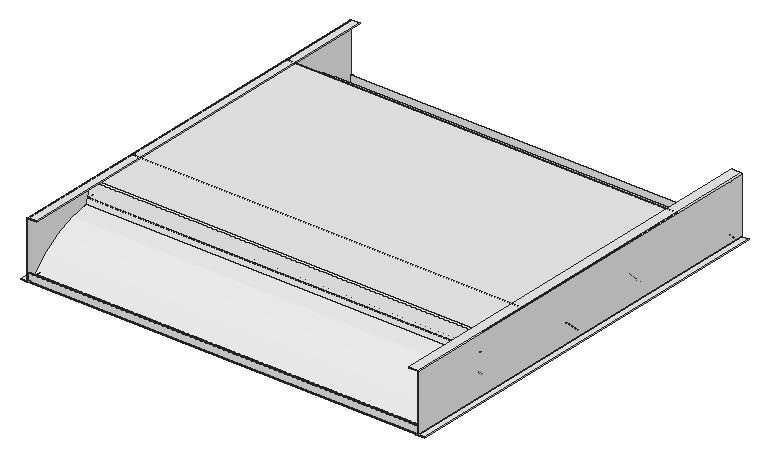
Revit family "LRTJ2x2_2x4", category Lighting Fixtures, host Ceiling, Revit 2019
Family settings
  Host = Ceiling
  Round Connector Dimension = Use Diameter
  Part Type = Normal
  OmniClass Number = 23.80.70.11.14.17
  OmniClass Title = Direct/Indirect
  Always vertical = Yes
  Cut with Voids When Loaded = No
  Light Source = Yes
  Shared = No
  Room Calculation Point = No
Parameters (values of type "LRTJ2x2-LED840K033LUNV")
  Width = 1' - 11 11/16"
  Wattage = 27 W
  built-in parameter 1150110 = 1 (stored number, unit not read)
  Voltage = 120 V
  URL = "https://www.viscor.com/en/products/lrtj"
  built-in parameter 1114217 = 0.9 (stored number, unit not read)
  Tilt Angle = 90.00°
  built-in parameter 1150109 = 1 (stored number, unit not read)
  built-in parameter 1150134 = 12
  built-in parameter 1150113 = 1 (stored number, unit not read)
  Photometric Web File = "LRTJ2x2-LED840K033LUNV-G001298.IES"
  Model = "LRTJ"  # constant formula
  Manufacturer = "VISIONEERING by VISCOR"  # constant formula
  Lumens = 3294 lm
  built-in parameter 1150115 = 1 (stored number, unit not read)
  built-in parameter 1150105 = 262.13 (stored number, unit not read)
  built-in parameter 1150137 = (empty or 0)
  built-in parameter 1150139 = (empty or 0)
  Lens Finish = Acrylic - Viscor - Frosted Round Linear Ribbed
  Length = 1' - 11 3/4"
  Lamp Wattage = 27 VA
  built-in parameter 1150112 = 1 (stored number, unit not read)
  built-in parameter 1150114 = 1 (stored number, unit not read)
  Lamp = "LED"  # constant formula
  built-in parameter 1150132 = (empty or 0)
  built-in parameter 1150102 = (empty or 0)
  built-in parameter 1150138 = (empty or 0)
  built-in parameter 1150107 = 4000 (stored number, unit not read)
  built-in parameter 1150106 = 2.6213 (stored number, unit not read)
  Housing Finish = Metal - Viscor - White
  Emit from Rectangle Width = Width  # 1' - 11 11/16"
  Emit from Rectangle Length = Length  # 1' - 11 3/4"
  Emit Shape Visible in Rendering = no
  built-in parameter 1150104 = 11.334 (stored number, unit not read)
  Dimming Lamp Color Temperature Shift = <None>
  Description = "LED Troffer Dish High-Efficiency"  # constant formula
  Color Filter = 16777215
  built-in parameter 1114218 = 1 (stored number, unit not read)
  built-in parameter 1150133 = 10 (stored number, unit not read)
  Assembly Code = "D5020200"
  Apparent Load = Lamp Wattage  # 27 VA
Types (5): name | Wattage | Photometric Web File | Lumens | built-in parameter 1150105 | Length | Lamp Wattage | built-in parameter 1150106 | Emit from Rectangle Length | built-in parameter 1150104 | Apparent Load
  (no name) | 27 W | "LRTJ2x2-LED840K033LUNV-G001298.IES" | 3294 lm | 262.13 (stored number, unit not read) | 1' - 11 3/4" | 27 VA | 2.6213 (stored number, unit not read) | 1' - 11 3/4" | 11.334 (stored number, unit not read) | 27 VA
  LRTJ2X2-LED840K020LUNV | 19 W | "LRTJ2x2-LED840K020LUNV-G001296.IES" | 2128 lm | 169.34 (stored number, unit not read) | 1' - 11 3/4" | 19 VA | 1.6934 (stored number, unit not read) | 1' - 11 3/4" | 10.405 (stored number, unit not read) | 19 VA
  LRTJ2x2-LED840K033LUNV | 27 W | "LRTJ2x2-LED840K033LUNV-G001298.IES" | 3294 lm | 262.13 (stored number, unit not read) | 1' - 11 3/4" | 27 VA | 2.6213 (stored number, unit not read) | 1' - 11 3/4" | 11.334 (stored number, unit not read) | 27 VA
  LRTJ2x4-LED840K065LUNV | 50 W | "LRTJ2x4-LED840K065LUNV-G001593.IES" | 6450 lm | 513.27 (stored number, unit not read) | 3' - 11 3/4" | 50 VA | 5.1327 (stored number, unit not read) | 3' - 11 3/4" | 11.984 (stored number, unit not read) | 50 VA
  LRTJ2x4-LED840K040LUNV | 35 W | "LRTJ2x4-LED840K040LUNV-G001575.IES" | 4095 lm | 325.87 (stored number, unit not read) | 3' - 11 3/4" | 35 VA | 3.2587 (stored number, unit not read) | 3' - 11 3/4" | 10.87 (stored number, unit not read) | 35 VA
Reference planes (in)
  plane 1 "Light Source Axis (F/B)": y = 0
  plane 2 "Ceiling": z = 96
  plane 3 "Light Source Axis (L/R)": x = 0
  plane 4 "Light Source Elevation": z = 95.96875
  plane 5: y = 11.84375
  plane 6: y = -11.84375
  plane 7: x = -11.875
  plane 8: x = 11.875
  plane 9: x = -11.8125
  plane 10: x = 11.8125
  plane 11: y = 11.38675
  plane 12: y = -11.38675
  plane 13: x = -11.449
  plane 14: x = 11.449
Forms (in)
  Extrusion 1, solid, material "Metal - Viscor - White" <- "Housing Finish"
    sketch origin (0, 0, 0) x (1, 0, 0) y (0, 0, 1)
      loop
        line (-11.414, 99.344) -> (-10.913, 99.344) -> (-10.913, 99.37525) -> (-11.414, 99.37525)
        arc (-11.414, 99.37525) -> (-11.46367, 99.35467) -> (-11.48425, 99.305) r 0.07025
        line (-11.48425, 99.305) -> (-11.48425, 96.069)
        arc (-11.48425, 96.069) -> (-11.49531, 96.04231) -> (-11.522, 96.03125) r 0.03775
        line (-11.522, 96.03125) -> (-11.875, 96.03125) -> (-11.875, 96) -> (-11.522, 96)
        arc (-11.522, 96) -> (-11.47321, 96.02021) -> (-11.453, 96.069) r 0.069
        line (-11.453, 96.069) -> (-11.453, 99.305)
        arc (-11.453, 99.305) -> (-11.44158, 99.33258) -> (-11.414, 99.344) r 0.039
    from -11.84375 to 11.84375
  Extrusion 2, solid, material "Metal - Viscor - White" <- "Housing Finish"
    sketch origin (0, 0, 0) x (-1, 0, 0) y (0, 0, -1)
      loop
        arc (-11.414, -99.344) -> (-11.44158, -99.33258) -> (-11.453, -99.305) r 0.039
        line (-11.453, -99.305) -> (-11.453, -96.069)
        arc (-11.453, -96.069) -> (-11.47321, -96.02021) -> (-11.522, -96) r 0.069
        line (-11.522, -96) -> (-11.875, -96) -> (-11.875, -96.03125) -> (-11.522, -96.03125)
        arc (-11.522, -96.03125) -> (-11.49531, -96.04231) -> (-11.48425, -96.069) r 0.03775
        line (-11.48425, -96.069) -> (-11.48425, -99.305)
        arc (-11.48425, -99.305) -> (-11.46367, -99.35467) -> (-11.414, -99.37525) r 0.07025
        line (-11.414, -99.37525) -> (-10.913, -99.37525) -> (-10.913, -99.344) -> (-11.414, -99.344)
    from -11.84375 to 11.84375
  Extrusion 3, solid, material "Metal - Viscor - White" <- "Housing Finish"
    sketch origin (0, 0, 0) x (0, 1, 0) y (0, 0, 1)
      loop
        arc (-7.16019, 99.342) -> (-7.19977, 99.32952) -> (-7.22503, 99.2966) r 0.069
        line (-7.22503, 99.2966) -> (-7.60559, 98.25101) -> (-7.57623, 98.24032) -> (-7.19567, 99.28591)
        arc (-7.19567, 99.28591) -> (-7.18184, 99.30392) -> (-7.16019, 99.31075) r 0.03775
        line (-7.16019, 99.31075) -> (7.16019, 99.31075)
        arc (7.16019, 99.31075) -> (7.18184, 99.30392) -> (7.19567, 99.28591) r 0.03775
        line (7.19567, 99.28591) -> (7.57623, 98.24032) -> (7.60559, 98.25101) -> (7.22503, 99.2966)
        arc (7.22503, 99.2966) -> (7.19977, 99.32952) -> (7.16019, 99.342) r 0.069
        line (7.16019, 99.342) -> (-7.16019, 99.342)
    from -11.449 to 11.449
  Extrusion 4, solid, material "Metal - Viscor - White" <- "Housing Finish"
    sketch origin (0, 0, 0) x (0, 1, 0) y (0, 0, 1)
      loop
        line (7.47101, 98.53306) -> (7.19004, 99.30501) -> (7.16068, 99.29432) -> (7.44164, 98.52237)
        arc (7.44164, 98.52237) -> (7.4416, 98.50122) -> (7.42789, 98.4851) r 0.03075
        line (7.42789, 98.4851) -> (7.18102, 98.34538)
        arc (7.18102, 98.34538) -> (7.1469, 98.26963) -> (7.20889, 98.21432) r 0.07025
        line (7.20889, 98.21432) -> (7.53963, 98.18251)
        arc (7.53963, 98.18251) -> (9.61905, 97.55812) -> (11.3027, 96.18729) r 5.57932
        line (11.3027, 96.18729) -> (11.44355, 96.01719)
        arc (11.44355, 96.01719) -> (11.46776, 95.99843) -> (11.49766, 95.99175) r 0.07025
        line (11.49766, 95.99175) -> (11.7815, 95.99175)
        arc (11.7815, 95.99175) -> (11.83117, 96.01233) -> (11.85175, 96.062) r 0.07025
        line (11.85175, 96.062) -> (11.85175, 96.5) -> (11.8205, 96.5) -> (11.8205, 96.062)
        arc (11.8205, 96.062) -> (11.80908, 96.03442) -> (11.7815, 96.023) r 0.039
        line (11.7815, 96.023) -> (11.49766, 96.023)
        arc (11.49766, 96.023) -> (11.48106, 96.02671) -> (11.46762, 96.03713) r 0.039
        line (11.46762, 96.03713) -> (11.32677, 96.20722)
        arc (11.32677, 96.20722) -> (9.63369, 97.58573) -> (7.54262, 98.21361) r 5.61057
        line (7.54262, 98.21361) -> (7.21188, 98.24542)
        arc (7.21188, 98.24542) -> (7.17747, 98.27613) -> (7.19641, 98.31819) r 0.039
        line (7.19641, 98.31819) -> (7.44329, 98.4579)
        arc (7.44329, 98.4579) -> (7.47092, 98.4904) -> (7.47101, 98.53306) r 0.062
    from -11.449 to 11.449
  Extrusion 5, solid, material "Metal - Viscor - White" <- "Housing Finish"
    sketch origin (0, 0, 0) x (0, -1, 0) y (0, 0, -1)
      loop
        arc (7.47101, -98.53306) -> (7.47092, -98.4904) -> (7.44329, -98.4579) r 0.062
        line (7.44329, -98.4579) -> (7.19641, -98.31819)
        arc (7.19641, -98.31819) -> (7.17747, -98.27613) -> (7.21188, -98.24542) r 0.039
        line (7.21188, -98.24542) -> (7.54262, -98.21361)
        arc (7.54262, -98.21361) -> (9.63369, -97.58573) -> (11.32677, -96.20722) r 5.61057
        line (11.32677, -96.20722) -> (11.46762, -96.03713)
        arc (11.46762, -96.03713) -> (11.48106, -96.02671) -> (11.49766, -96.023) r 0.039
        line (11.49766, -96.023) -> (11.7815, -96.023)
        arc (11.7815, -96.023) -> (11.80908, -96.03442) -> (11.8205, -96.062) r 0.039
        line (11.8205, -96.062) -> (11.8205, -96.5) -> (11.85175, -96.5) -> (11.85175, -96.062)
        arc (11.85175, -96.062) -> (11.83117, -96.01233) -> (11.7815, -95.99175) r 0.07025
        line (11.7815, -95.99175) -> (11.49766, -95.99175)
        arc (11.49766, -95.99175) -> (11.46776, -95.99843) -> (11.44355, -96.01719) r 0.07025
        line (11.44355, -96.01719) -> (11.3027, -96.18729)
        arc (11.3027, -96.18729) -> (9.61905, -97.55812) -> (7.53963, -98.18251) r 5.57932
        line (7.53963, -98.18251) -> (7.20889, -98.21432)
        arc (7.20889, -98.21432) -> (7.1469, -98.26963) -> (7.18102, -98.34538) r 0.07025
        line (7.18102, -98.34538) -> (7.42789, -98.4851)
        arc (7.42789, -98.4851) -> (7.4416, -98.50122) -> (7.44164, -98.52237) r 0.03075
        line (7.44164, -98.52237) -> (7.16068, -99.29432) -> (7.19004, -99.30501) -> (7.47101, -98.53306)
    from -11.449 to 11.449
  Extrusion 6, solid, material "Metal - Viscor - White" <- "Housing Finish"
    sketch origin (0, 0, 0) x (0, 1, 0) y (0, 0, 1)
      loop
        arc (4.16043, 99.312) -> (4.12503, 99.3009) -> (4.10231, 99.27157) r 0.062
        line (4.10231, 99.27157) -> (3.83069, 98.53966)
        arc (3.83069, 98.53966) -> (3.83051, 98.497) -> (3.85794, 98.46433) r 0.062
        line (3.85794, 98.46433) -> (4.11608, 98.31609)
        arc (4.11608, 98.31609) -> (4.13475, 98.27391) -> (4.10015, 98.24342) r 0.039
        line (4.10015, 98.24342) -> (3.76948, 98.21372)
        arc (3.76948, 98.21372) -> (1.76943, 97.64744) -> (0.11282, 96.39185) r 5.61057
        line (0.11282, 96.39185) -> (0.02891, 96.29919)
        arc (0.02891, 96.29919) -> (0, 96.28637) -> (-0.02891, 96.29919) r 0.039
        line (-0.02891, 96.29919) -> (-0.11282, 96.39185)
        arc (-0.11282, 96.39185) -> (-1.76943, 97.64744) -> (-3.76948, 98.21372) r 5.61057
        line (-3.76948, 98.21372) -> (-4.10015, 98.24342)
        arc (-4.10015, 98.24342) -> (-4.13475, 98.27391) -> (-4.11608, 98.31609) r 0.039
        line (-4.11608, 98.31609) -> (-3.85794, 98.46433)
        arc (-3.85794, 98.46433) -> (-3.83051, 98.497) -> (-3.83069, 98.53966) r 0.062
        line (-3.83069, 98.53966) -> (-4.10231, 99.27157)
        arc (-4.10231, 99.27157) -> (-4.12503, 99.3009) -> (-4.16043, 99.312) r 0.062
        line (-4.16043, 99.312) -> (-4.39331, 99.312) -> (-4.39331, 99.28075) -> (-4.16043, 99.28075)
        arc (-4.16043, 99.28075) -> (-4.14288, 99.27524) -> (-4.13161, 99.2607) r 0.03075
        line (-4.13161, 99.2607) -> (-3.85998, 98.52879)
        arc (-3.85998, 98.52879) -> (-3.8599, 98.50763) -> (-3.8735, 98.49143) r 0.03075
        line (-3.8735, 98.49143) -> (-4.13164, 98.34319)
        arc (-4.13164, 98.34319) -> (-4.16528, 98.26722) -> (-4.10294, 98.2123) r 0.07025
        line (-4.10294, 98.2123) -> (-3.77227, 98.1826)
        arc (-3.77227, 98.1826) -> (-1.78336, 97.61947) -> (-0.13598, 96.37087) r 5.57932
        line (-0.13598, 96.37087) -> (-0.05207, 96.27822)
        arc (-0.05207, 96.27822) -> (0, 96.25512) -> (0.05207, 96.27822) r 0.07025
        line (0.05207, 96.27822) -> (0.13598, 96.37087)
        arc (0.13598, 96.37087) -> (1.78336, 97.61947) -> (3.77227, 98.1826) r 5.57932
        line (3.77227, 98.1826) -> (4.10294, 98.2123)
        arc (4.10294, 98.2123) -> (4.16528, 98.26722) -> (4.13164, 98.34319) r 0.07025
        line (4.13164, 98.34319) -> (3.8735, 98.49143)
        arc (3.8735, 98.49143) -> (3.8599, 98.50763) -> (3.85998, 98.52879) r 0.03075
        line (3.85998, 98.52879) -> (4.13161, 99.2607)
        arc (4.13161, 99.2607) -> (4.14288, 99.27524) -> (4.16043, 99.28075) r 0.03075
        line (4.16043, 99.28075) -> (4.39331, 99.28075) -> (4.39331, 99.312) -> (4.16043, 99.312)
    from -11.449 to 11.449
  Extrusion 7, solid, material "Acrylic - Viscor - Frosted Round Linear Ribbed" <- "Lens Finish"
    sketch origin (0, 0, 0) x (0, 1, 0) y (0, 0, 1)
      loop
        arc (7.40013, 98.49358) -> (7.41936, 98.50563) -> (7.41496, 98.52788) r 0.02
        arc (7.41496, 98.52788) -> (7.39117, 98.54383) -> (7.36326, 98.55025) r 0.079
        line (7.36326, 98.55025) -> (7.25436, 98.555)
        arc (7.25436, 98.555) -> (7.16302, 98.53004) -> (7.10325, 98.4566) r 0.155
        line (7.10325, 98.4566) -> (7.07151, 98.37545)
        arc (7.07151, 98.37545) -> (7.08352, 98.23983) -> (7.19886, 98.16748) r 0.153
        line (7.19886, 98.16748) -> (7.62973, 98.12462)
        arc (7.62973, 98.12462) -> (7.66309, 98.11319) -> (7.68786, 98.0881) r 0.07705
        line (7.68786, 98.0881) -> (7.82361, 97.86577)
        arc (7.82361, 97.86577) -> (5.656, 96.685) -> (3.48839, 97.86577) r 2.58
        line (3.48839, 97.86577) -> (3.62414, 98.0881)
        arc (3.62414, 98.0881) -> (3.64891, 98.11319) -> (3.68227, 98.12462) r 0.07705
        line (3.68227, 98.12462) -> (4.11314, 98.16748)
        arc (4.11314, 98.16748) -> (4.22848, 98.23983) -> (4.24049, 98.37545) r 0.153
        line (4.24049, 98.37545) -> (4.20875, 98.4566)
        arc (4.20875, 98.4566) -> (4.14898, 98.53004) -> (4.05764, 98.555) r 0.155
        line (4.05764, 98.555) -> (3.94874, 98.55025)
        arc (3.94874, 98.55025) -> (3.92083, 98.54383) -> (3.89704, 98.52788) r 0.079
        arc (3.89704, 98.52788) -> (3.89264, 98.50563) -> (3.91187, 98.49358) r 0.02
        line (3.91187, 98.49358) -> (4.06004, 98.50005)
        arc (4.06004, 98.50005) -> (4.11897, 98.48395) -> (4.15753, 98.43657) r 0.1
        line (4.15753, 98.43657) -> (4.18927, 98.35542)
        arc (4.18927, 98.35542) -> (4.18158, 98.26855) -> (4.1077, 98.22221) r 0.098
        line (4.1077, 98.22221) -> (3.67683, 98.17935)
        arc (3.67683, 98.17935) -> (3.61965, 98.15977) -> (3.57719, 98.11676) r 0.13205
        line (3.57719, 98.11676) -> (3.44848, 97.90595)
        arc (3.44848, 97.90595) -> (3.43601, 97.86014) -> (3.45, 97.81476) r 0.08519
        arc (3.45, 97.81476) -> (5.656, 96.625) -> (7.862, 97.81476) r 2.64
        arc (7.862, 97.81476) -> (7.87599, 97.86014) -> (7.86352, 97.90595) r 0.08519
        line (7.86352, 97.90595) -> (7.73481, 98.11676)
        arc (7.73481, 98.11676) -> (7.69235, 98.15977) -> (7.63517, 98.17935) r 0.13205
        line (7.63517, 98.17935) -> (7.2043, 98.22221)
        arc (7.2043, 98.22221) -> (7.13042, 98.26855) -> (7.12273, 98.35542) r 0.098
        line (7.12273, 98.35542) -> (7.15447, 98.43657)
        arc (7.15447, 98.43657) -> (7.19303, 98.48395) -> (7.25196, 98.50005) r 0.1
        line (7.25196, 98.50005) -> (7.40013, 98.49358)
    from -11.449 to 11.449
  Extrusion 8, solid, material "Acrylic - Viscor - Frosted Round Linear Ribbed" <- "Lens Finish"
    sketch origin (0, 0, 0) x (0, -1, 0) y (0, 0, -1)
      loop
        line (7.40013, -98.49358) -> (7.25196, -98.50005)
        arc (7.25196, -98.50005) -> (7.19303, -98.48395) -> (7.15447, -98.43657) r 0.1
        line (7.15447, -98.43657) -> (7.12273, -98.35542)
        arc (7.12273, -98.35542) -> (7.13042, -98.26855) -> (7.2043, -98.22221) r 0.098
        line (7.2043, -98.22221) -> (7.63517, -98.17935)
        arc (7.63517, -98.17935) -> (7.69235, -98.15977) -> (7.73481, -98.11676) r 0.13205
        line (7.73481, -98.11676) -> (7.86352, -97.90595)
        arc (7.86352, -97.90595) -> (7.87599, -97.86014) -> (7.862, -97.81476) r 0.08519
        arc (7.862, -97.81476) -> (5.656, -96.625) -> (3.45, -97.81476) r 2.64
        arc (3.45, -97.81476) -> (3.43601, -97.86014) -> (3.44848, -97.90595) r 0.08519
        line (3.44848, -97.90595) -> (3.57719, -98.11676)
        arc (3.57719, -98.11676) -> (3.61965, -98.15977) -> (3.67683, -98.17935) r 0.13205
        line (3.67683, -98.17935) -> (4.1077, -98.22221)
        arc (4.1077, -98.22221) -> (4.18158, -98.26855) -> (4.18927, -98.35542) r 0.098
        line (4.18927, -98.35542) -> (4.15753, -98.43657)
        arc (4.15753, -98.43657) -> (4.11897, -98.48395) -> (4.06004, -98.50005) r 0.1
        line (4.06004, -98.50005) -> (3.91187, -98.49358)
        arc (3.91187, -98.49358) -> (3.89264, -98.50563) -> (3.89704, -98.52788) r 0.02
        arc (3.89704, -98.52788) -> (3.92083, -98.54383) -> (3.94874, -98.55025) r 0.079
        line (3.94874, -98.55025) -> (4.05764, -98.555)
        arc (4.05764, -98.555) -> (4.14898, -98.53004) -> (4.20875, -98.4566) r 0.155
        line (4.20875, -98.4566) -> (4.24049, -98.37545)
        arc (4.24049, -98.37545) -> (4.22848, -98.23983) -> (4.11314, -98.16748) r 0.153
        line (4.11314, -98.16748) -> (3.68227, -98.12462)
        arc (3.68227, -98.12462) -> (3.64891, -98.11319) -> (3.62414, -98.0881) r 0.07705
        line (3.62414, -98.0881) -> (3.48839, -97.86577)
        arc (3.48839, -97.86577) -> (5.656, -96.685) -> (7.82361, -97.86577) r 2.58
        line (7.82361, -97.86577) -> (7.68786, -98.0881)
        arc (7.68786, -98.0881) -> (7.66309, -98.11319) -> (7.62973, -98.12462) r 0.07705
        line (7.62973, -98.12462) -> (7.19886, -98.16748)
        arc (7.19886, -98.16748) -> (7.08352, -98.23983) -> (7.07151, -98.37545) r 0.153
        line (7.07151, -98.37545) -> (7.10325, -98.4566)
        arc (7.10325, -98.4566) -> (7.16302, -98.53004) -> (7.25436, -98.555) r 0.155
        line (7.25436, -98.555) -> (7.36326, -98.55025)
        arc (7.36326, -98.55025) -> (7.39117, -98.54383) -> (7.41496, -98.52788) r 0.079
        arc (7.41496, -98.52788) -> (7.41936, -98.50563) -> (7.40013, -98.49358) r 0.02
    from -11.449 to 11.449
  Extrusion 9, void
    sketch origin (0, 0, 96) x (1, 0, 0) y (0, 1, 0)
      loop
        line (-11.875, -11.84375) -> (11.875, -11.84375) -> (11.875, 11.84375) -> (-11.875, 11.84375) -> (-11.875, -11.84375)
    from -0.22657 to 4.86229
Dimensions and locks (in)
  equal spacing: host sketch curve, plane 3 "Light Source Axis (L/R)", host sketch curve
  equal spacing: host sketch curve, plane 1 "Light Source Axis (F/B)", host sketch curve
  host sketch curve to host sketch curve = 10' - 0"  (x2)
  equal spacing: plane 7, plane 3 "Light Source Axis (L/R)", plane 8
  "Length": plane 7 to plane 8
  equal spacing: plane 5, plane 1 "Light Source Axis (F/B)", plane 6
  "Width": plane 5 to plane 6
  plane 4 "Light Source Elevation" to plane 2 "Ceiling" = 0' - 0 1/32"
  locked: plane 7 to plane 9 at 0.0625
  locked: plane 10 to plane 8 at 0.0625
  locked: plane 11 to plane 5 at 0.457
  locked: plane 12 to plane 6 at 0.457
  locked: plane 7 to plane 13 at 0.426
  locked: plane 14 to plane 8 at 0.426
  aligned and locked: plane 3 "Light Source Axis (L/R)" to imposter light
  aligned and locked: plane 1 "Light Source Axis (F/B)" to imposter light
  aligned and locked: plane 4 "Light Source Elevation" to imposter light
  aligned and locked: Extrusion 1 to plane 6
  aligned and locked: plane 5 to Extrusion 1
  aligned and locked: Extrusion 2 to plane 6
  aligned and locked: plane 5 to Extrusion 2
  aligned and locked: plane 14 to Extrusion 3
  aligned and locked: Extrusion 3 to plane 13
  aligned and locked: Extrusion 4 to plane 13
  aligned and locked: plane 14 to Extrusion 4
  aligned and locked: Extrusion 5 to plane 13
  aligned and locked: plane 14 to Extrusion 5
  aligned and locked: Extrusion 6 to plane 13
  aligned and locked: plane 14 to Extrusion 6
  aligned and locked: Extrusion 7 to plane 13
  aligned and locked: plane 14 to Extrusion 7
  aligned and locked: Extrusion 8 to plane 13
  aligned and locked: plane 14 to Extrusion 8
  aligned and locked: plane 5 to Extrusion 9
  aligned and locked: Extrusion 9 to plane 6
  aligned and locked: plane 8 to Extrusion 9
  aligned and locked: Extrusion 9 to Extrusion 1
Automatic sketch dimensions
  Extrusion 1 sketch curve to Extrusion 1 sketch curve = 0' - 0"  (x6)
  Extrusion 1 sketch curve to plane 2 "Ceiling" = 0' - 0"
  plane 7 to Extrusion 1 sketch curve = 0' - 0"
  Extrusion 1 sketch curve to plane 13 = 0' - 0.073"
  Extrusion 1 sketch curve to plane 13 = 0' - 0.03525"
  Extrusion 1 sketch curve to plane 13 = 0' - 0.004"
  plane 13 to Extrusion 1 sketch curve = 0' - 0.035"  (x2)
  Extrusion 1 sketch curve to Extrusion 1 sketch curve = 0' - 0.501"
  Extrusion 1 sketch curve to Extrusion 1 sketch curve = 0' - 3.236"
  Extrusion 1 sketch curve to Extrusion 1 sketch curve = 0' - 0 1/32"
  Extrusion 2 sketch curve to Extrusion 2 sketch curve = 0' - 0"  (x6)
  Extrusion 2 sketch curve to plane 2 "Ceiling" = 0' - 0"
  plane 8 to Extrusion 2 sketch curve = 0' - 0"
  Extrusion 2 sketch curve to plane 14 = 0' - 0.073"
  Extrusion 2 sketch curve to plane 14 = 0' - 0.03525"
  Extrusion 2 sketch curve to plane 14 = 0' - 0.004"
  plane 14 to Extrusion 2 sketch curve = 0' - 0.035"  (x2)
  Extrusion 2 sketch curve to Extrusion 2 sketch curve = 0' - 0.501"
  Extrusion 2 sketch curve to Extrusion 2 sketch curve = 0' - 3.236"
  Extrusion 2 sketch curve to Extrusion 2 sketch curve = 0' - 0 1/32"
  Extrusion 3 sketch curve to Extrusion 3 sketch curve = 0' - 0"  (x4)
  plane 12 to Extrusion 3 sketch curve = 0' - 3.78116"
  Extrusion 3 sketch curve to Extrusion 3 sketch curve = 0' - 0.02937"  (x3)
  Extrusion 3 sketch curve to Extrusion 3 sketch curve = 0' - 0.38056"  (x2)
  plane 2 "Ceiling" to Extrusion 3 sketch curve = 0' - 3.28591"  (x2)
  Extrusion 3 sketch curve to Extrusion 3 sketch curve = 0' - 0.03547"  (x2)
  Extrusion 3 sketch curve to plane 11 = 0' - 4 29/128"
  plane 2 "Ceiling" to Extrusion 3 sketch curve = 0' - 3.2966"
  plane 2 "Ceiling" to Extrusion 3 sketch curve = 0' - 2.25101"
  Extrusion 3 sketch curve to Extrusion 3 sketch curve = 0' - 0.01291"
  Extrusion 4 sketch curve to Extrusion 4 sketch curve = 0' - 0"  (x10)
  Extrusion 4 sketch curve to plane 11 = 0' - 4.38127"
  Extrusion 4 sketch curve to plane 11 = 0' - 4.22607"
  Extrusion 4 sketch curve to Extrusion 4 sketch curve = 0' - 0.02034"
  Extrusion 4 sketch curve to Extrusion 4 sketch curve = 0' - 0.02937"  (x2)
  plane 2 "Ceiling" to Extrusion 4 sketch curve = 0' - 2.31819"
  Extrusion 4 sketch curve to Extrusion 4 sketch curve = 0' - 0.01539"  (x2)
  Extrusion 4 sketch curve to Extrusion 4 sketch curve = 0' - 0.01248"
  plane 2 "Ceiling" to Extrusion 4 sketch curve = 0' - 2.24542"
  Extrusion 4 sketch curve to Extrusion 4 sketch curve = 0' - 0.00299"  (x2)
  Extrusion 4 sketch curve to Extrusion 4 sketch curve = 0' - 0.01921"
  Extrusion 4 sketch curve to Extrusion 4 sketch curve = 0' - 0.23173"
  plane 2 "Ceiling" to Extrusion 4 sketch curve = 0' - 2.4851"
  Extrusion 4 sketch curve to Extrusion 4 sketch curve = 0' - 0.01514"
  Extrusion 4 sketch curve to Extrusion 4 sketch curve = 0' - 0.0289"
  plane 2 "Ceiling" to Extrusion 4 sketch curve = 0' - 2.4579"
  plane 2 "Ceiling" to Extrusion 4 sketch curve = 0' - 2.53306"
  Extrusion 4 sketch curve to Extrusion 4 sketch curve = 0' - 0.09634"
  plane 2 "Ceiling" to Extrusion 4 sketch curve = 0' - 2.21361"
  Extrusion 4 sketch curve to plane 11 = 0' - 0.08405"
  Extrusion 4 sketch curve to Extrusion 4 sketch curve = 0' - 0.02407"  (x2)
  plane 2 "Ceiling" to Extrusion 4 sketch curve = 0' - 0.01719"
  plane 11 to Extrusion 4 sketch curve = 0' - 0.0568"
  plane 2 "Ceiling" to Extrusion 4 sketch curve = 0' - 0.03713"
  plane 2 "Ceiling" to Extrusion 4 sketch curve = 0' - 0.023"
  Extrusion 4 sketch curve to Extrusion 4 sketch curve = 0' - 0.03004"
  Extrusion 4 sketch curve to plane 5 = 0' - 0.06225"
  Extrusion 4 sketch curve to plane 5 = 0' - 0.02325"
  Extrusion 4 sketch curve to plane 2 "Ceiling" = 0' - 3.37119"
  Extrusion 4 sketch curve to Extrusion 4 sketch curve = 0' - 0.01993"
  Extrusion 4 sketch curve to Extrusion 4 sketch curve = 0' - 0.438"
  Extrusion 4 sketch curve to Extrusion 4 sketch curve = 0' - 0.03111"
  Extrusion 5 sketch curve to Extrusion 5 sketch curve = 0' - 0"  (x10)
  Extrusion 5 sketch curve to plane 12 = 0' - 4.38127"
  Extrusion 5 sketch curve to plane 12 = 0' - 4.22607"
  Extrusion 5 sketch curve to Extrusion 5 sketch curve = 0' - 0.02034"
  Extrusion 5 sketch curve to Extrusion 5 sketch curve = 0' - 0.02937"  (x2)
  Extrusion 5 sketch curve to plane 2 "Ceiling" = 0' - 2.31819"
  Extrusion 5 sketch curve to Extrusion 5 sketch curve = 0' - 0.01539"  (x2)
  Extrusion 5 sketch curve to Extrusion 5 sketch curve = 0' - 0.01248"
  Extrusion 5 sketch curve to plane 2 "Ceiling" = 0' - 2.24542"
  Extrusion 5 sketch curve to Extrusion 5 sketch curve = 0' - 0.00299"  (x2)
  Extrusion 5 sketch curve to Extrusion 5 sketch curve = 0' - 0.01921"
  Extrusion 5 sketch curve to Extrusion 5 sketch curve = 0' - 0.23173"
  Extrusion 5 sketch curve to plane 2 "Ceiling" = 0' - 2.4851"
  Extrusion 5 sketch curve to Extrusion 5 sketch curve = 0' - 0.01514"
  Extrusion 5 sketch curve to Extrusion 5 sketch curve = 0' - 0.0289"
  Extrusion 5 sketch curve to plane 2 "Ceiling" = 0' - 2.4579"
  Extrusion 5 sketch curve to plane 2 "Ceiling" = 0' - 2.53306"
  Extrusion 5 sketch curve to Extrusion 5 sketch curve = 0' - 0.09634"
  Extrusion 5 sketch curve to plane 2 "Ceiling" = 0' - 2.21361"
  Extrusion 5 sketch curve to plane 12 = 0' - 0.08405"
  Extrusion 5 sketch curve to Extrusion 5 sketch curve = 0' - 0.02407"  (x2)
  Extrusion 5 sketch curve to plane 2 "Ceiling" = 0' - 0.01719"
  plane 12 to Extrusion 5 sketch curve = 0' - 0.0568"
  Extrusion 5 sketch curve to plane 2 "Ceiling" = 0' - 0.03713"
  Extrusion 5 sketch curve to plane 2 "Ceiling" = 0' - 0.023"
  Extrusion 5 sketch curve to Extrusion 5 sketch curve = 0' - 0.03004"
  Extrusion 5 sketch curve to plane 6 = 0' - 0.06225"
  Extrusion 5 sketch curve to plane 6 = 0' - 0.02325"
  plane 2 "Ceiling" to Extrusion 5 sketch curve = 0' - 3.37119"
  Extrusion 5 sketch curve to Extrusion 5 sketch curve = 0' - 0.01993"
  Extrusion 5 sketch curve to Extrusion 5 sketch curve = 0' - 0.438"
  Extrusion 5 sketch curve to Extrusion 5 sketch curve = 0' - 0.03111"
  Extrusion 6 sketch curve to Extrusion 6 sketch curve = 0' - 0"  (x19)
  Extrusion 6 sketch curve to plane 1 "Light Source Axis (F/B)" = 0' - 0"
  plane 1 "Light Source Axis (F/B)" to Extrusion 6 sketch curve = 0' - 0.02891"
  Extrusion 6 sketch curve to Extrusion 6 sketch curve = 0' - 0.02316"  (x4)
  plane 1 "Light Source Axis (F/B)" to Extrusion 6 sketch curve = 0' - 0.11282"
  plane 2 "Ceiling" to Extrusion 6 sketch curve = 0' - 2.21372"  (x2)
  plane 1 "Light Source Axis (F/B)" to Extrusion 6 sketch curve = 0' - 3.76948"
  Extrusion 6 sketch curve to Extrusion 6 sketch curve = 0' - 0.0028"  (x4)
  Extrusion 6 sketch curve to Extrusion 6 sketch curve = 0' - 0.06121"  (x2)
  plane 2 "Ceiling" to Extrusion 6 sketch curve = 0' - 2.46433"  (x2)
  Extrusion 6 sketch curve to Extrusion 6 sketch curve = 0' - 0.02725"  (x2)
  Extrusion 6 sketch curve to Extrusion 6 sketch curve = 0' - 0.0293"  (x4)
  plane 2 "Ceiling" to Extrusion 6 sketch curve = 0' - 2.49143"  (x2)
  Extrusion 6 sketch curve to Extrusion 6 sketch curve = 0' - 0.01556"  (x2)
  Extrusion 6 sketch curve to Extrusion 6 sketch curve = 0' - 0.01531"
  Extrusion 6 sketch curve to Extrusion 6 sketch curve = 0' - 0.23872"  (x2)
  plane 2 "Ceiling" to Extrusion 6 sketch curve = 0' - 2.24342"  (x2)
  Extrusion 6 sketch curve to Extrusion 6 sketch curve = 0' - 0.00349"  (x2)
  Extrusion 6 sketch curve to Extrusion 6 sketch curve = 0' - 0.27162"  (x2)
  plane 2 "Ceiling" to Extrusion 6 sketch curve = 0' - 2.2123"  (x2)
  plane 2 "Ceiling" to Extrusion 6 sketch curve = 0' - 2.31609"  (x2)
  Extrusion 6 sketch curve to Extrusion 6 sketch curve = 0' - 0.01942"  (x2)
  plane 2 "Ceiling" to Extrusion 6 sketch curve = 0' - 2.34319"  (x2)
  Extrusion 6 sketch curve to Extrusion 6 sketch curve = 0' - 0.02883"  (x3)
  plane 1 "Light Source Axis (F/B)" to Extrusion 6 sketch curve = 0' - 4.27145"
  Extrusion 6 sketch curve to Extrusion 6 sketch curve = 0' - 0.23287"  (x2)
  Extrusion 6 sketch curve to plane 1 "Light Source Axis (F/B)" = 0' - 0.02891"
  Extrusion 6 sketch curve to plane 1 "Light Source Axis (F/B)" = 0' - 0.11282"
  Extrusion 6 sketch curve to plane 1 "Light Source Axis (F/B)" = 0' - 3.76948"
  Extrusion 6 sketch curve to plane 1 "Light Source Axis (F/B)" = 0' - 4.27145"
  Extrusion 6 sketch curve to Extrusion 6 sketch curve = 0' - 0.03112"  (x2)
  plane 2 "Ceiling" to Extrusion 6 sketch curve = 0' - 0.39185"
  Extrusion 6 sketch curve to Extrusion 6 sketch curve = 0' - 0.06647"
  Extrusion 6 sketch curve to Extrusion 6 sketch curve = 0' - 0.02618"
  Extrusion 6 sketch curve to Extrusion 6 sketch curve = 0' - 0.02098"
  Extrusion 6 sketch curve to Extrusion 6 sketch curve = 0' - 0.02667"  (x2)
  Extrusion 6 sketch curve to Extrusion 6 sketch curve = 0' - 0.73191"  (x2)
  Extrusion 6 sketch curve to Extrusion 6 sketch curve = 0' - 0.0107"  (x2)
  Extrusion 6 sketch curve to Extrusion 6 sketch curve = 0' - 0.01087"  (x2)
  Extrusion 7 sketch curve to Extrusion 7 sketch curve = 0' - 0"  (x15)
  Extrusion 7 sketch curve to plane 1 "Light Source Axis (F/B)" = 0' - 3.44848"
  Extrusion 7 sketch curve to Extrusion 7 sketch curve = 0' - 0.03991"  (x2)
  Extrusion 7 sketch curve to Extrusion 7 sketch curve = 0' - 0.0328"  (x2)
  Extrusion 7 sketch curve to Extrusion 7 sketch curve = 0' - 0.12871"
  Extrusion 7 sketch curve to Extrusion 7 sketch curve = 0' - 0.04694"  (x2)
  plane 2 "Ceiling" to Extrusion 7 sketch curve = 0' - 2.17935"  (x2)
  Extrusion 7 sketch curve to Extrusion 7 sketch curve = 0' - 0.05269"
  Extrusion 7 sketch curve to Extrusion 7 sketch curve = 0' - 0.00544"  (x4)
  Extrusion 7 sketch curve to Extrusion 7 sketch curve = 0' - 0.00763"  (x2)
  Extrusion 7 sketch curve to Extrusion 7 sketch curve = 0' - 0.23417"
  plane 2 "Ceiling" to Extrusion 7 sketch curve = 0' - 2.49358"
  Extrusion 7 sketch curve to Extrusion 7 sketch curve = 0' - 0.00087"  (x2)
  Extrusion 7 sketch curve to Extrusion 7 sketch curve = 0' - 0.03774"
  Extrusion 7 sketch curve to Extrusion 7 sketch curve = 0' - 0.04032"  (x2)
  Extrusion 7 sketch curve to Extrusion 7 sketch curve = 0' - 0.1089"
  Extrusion 7 sketch curve to Extrusion 7 sketch curve = 0' - 0.0024"  (x2)
  Extrusion 7 sketch curve to Extrusion 7 sketch curve = 0' - 0.00436"  (x2)
  Extrusion 7 sketch curve to Extrusion 7 sketch curve = 0' - 0.0336"  (x2)
  plane 2 "Ceiling" to Extrusion 7 sketch curve = 0' - 2.22221"
  Extrusion 7 sketch curve to Extrusion 7 sketch curve = 0' - 0.0097"
  plane 2 "Ceiling" to Extrusion 7 sketch curve = 0' - 2.16748"  (x2)
  plane 2 "Ceiling" to Extrusion 7 sketch curve = 0' - 2.43657"  (x2)
  Extrusion 7 sketch curve to Extrusion 7 sketch curve = 0' - 0.09313"
  plane 2 "Ceiling" to Extrusion 7 sketch curve = 0' - 2.35542"  (x2)
  Extrusion 7 sketch curve to Extrusion 7 sketch curve = 0' - 0.03174"  (x2)
  plane 2 "Ceiling" to Extrusion 7 sketch curve = 0' - 2.4566"
  Extrusion 7 sketch curve to Extrusion 7 sketch curve = 0' - 0.05122"  (x3)
  plane 2 "Ceiling" to Extrusion 7 sketch curve = 0' - 2.37545"
  Extrusion 7 sketch curve to Extrusion 7 sketch curve = 0' - 1.44725"
  Extrusion 7 sketch curve to Extrusion 7 sketch curve = 0' - 1.41551"
  Extrusion 7 sketch curve to Extrusion 7 sketch curve = 0' - 0.07613"
  Extrusion 7 sketch curve to Extrusion 7 sketch curve = 0' - 0.09127"
  Extrusion 7 sketch curve to Extrusion 7 sketch curve = 0' - 0.10785"
  plane 2 "Ceiling" to Extrusion 7 sketch curve = 0' - 2.55025"
  Extrusion 7 sketch curve to Extrusion 7 sketch curve = 0' - 0.00345"
  Extrusion 7 sketch curve to Extrusion 7 sketch curve = 0' - 0.42325"
  Extrusion 7 sketch curve to Extrusion 7 sketch curve = 0' - 0.05813"
  plane 2 "Ceiling" to Extrusion 7 sketch curve = 0' - 2.11676"
  Extrusion 7 sketch curve to Extrusion 7 sketch curve = 0' - 0.10295"
  plane 2 "Ceiling" to Extrusion 7 sketch curve = 0' - 1.86577"
  plane 2 "Ceiling" to Extrusion 7 sketch curve = 0' - 1.90595"
  Extrusion 7 sketch curve to Extrusion 7 sketch curve = 0' - 0.00421"  (x2)
  Extrusion 7 sketch curve to Extrusion 7 sketch curve = 0' - 0.04018"
  Extrusion 7 sketch curve to Extrusion 7 sketch curve = 0' - 0.1314"
  Extrusion 7 sketch curve to Extrusion 7 sketch curve = 0' - 0.02866"  (x2)
  Extrusion 7 sketch curve to Extrusion 7 sketch curve = 0' - 0.05473"
  Extrusion 7 sketch curve to Extrusion 7 sketch curve = 0' - 0.08042"  (x2)
  Extrusion 7 sketch curve to Extrusion 7 sketch curve = 0' - 0.02003"
  Extrusion 7 sketch curve to Extrusion 7 sketch curve = 0' - 0.02226"  (x2)
  Extrusion 7 sketch curve to Extrusion 7 sketch curve = 0' - 0.07892"
  Extrusion 7 sketch curve to Extrusion 7 sketch curve = 0' - 0.01998"  (x2)
  Extrusion 7 sketch curve to Extrusion 7 sketch curve = 0' - 0.03668"
  Extrusion 7 sketch curve to Extrusion 7 sketch curve = 0' - 0.8084"
  Extrusion 8 sketch curve to Extrusion 8 sketch curve = 0' - 0"  (x15)
  Extrusion 8 sketch curve to plane 1 "Light Source Axis (F/B)" = 0' - 3.44848"
  Extrusion 8 sketch curve to Extrusion 8 sketch curve = 0' - 0.03991"  (x2)
  Extrusion 8 sketch curve to Extrusion 8 sketch curve = 0' - 0.0328"  (x2)
  Extrusion 8 sketch curve to Extrusion 8 sketch curve = 0' - 0.12871"
  Extrusion 8 sketch curve to Extrusion 8 sketch curve = 0' - 0.04694"  (x2)
  Extrusion 8 sketch curve to plane 2 "Ceiling" = 0' - 2.17935"  (x2)
  Extrusion 8 sketch curve to Extrusion 8 sketch curve = 0' - 0.05269"
  Extrusion 8 sketch curve to Extrusion 8 sketch curve = 0' - 0.00544"  (x4)
  Extrusion 8 sketch curve to Extrusion 8 sketch curve = 0' - 0.00763"  (x2)
  Extrusion 8 sketch curve to Extrusion 8 sketch curve = 0' - 0.23417"
  Extrusion 8 sketch curve to plane 2 "Ceiling" = 0' - 2.49358"
  Extrusion 8 sketch curve to Extrusion 8 sketch curve = 0' - 0.00087"  (x2)
  Extrusion 8 sketch curve to Extrusion 8 sketch curve = 0' - 0.03774"
  Extrusion 8 sketch curve to Extrusion 8 sketch curve = 0' - 0.04032"  (x2)
  Extrusion 8 sketch curve to Extrusion 8 sketch curve = 0' - 0.1089"
  Extrusion 8 sketch curve to Extrusion 8 sketch curve = 0' - 0.0024"  (x2)
  Extrusion 8 sketch curve to Extrusion 8 sketch curve = 0' - 0.00436"  (x2)
  Extrusion 8 sketch curve to Extrusion 8 sketch curve = 0' - 0.0336"  (x2)
  Extrusion 8 sketch curve to plane 2 "Ceiling" = 0' - 2.22221"
  Extrusion 8 sketch curve to Extrusion 8 sketch curve = 0' - 0.0097"
  Extrusion 8 sketch curve to plane 2 "Ceiling" = 0' - 2.16748"  (x2)
  Extrusion 8 sketch curve to plane 2 "Ceiling" = 0' - 2.43657"  (x2)
  Extrusion 8 sketch curve to Extrusion 8 sketch curve = 0' - 0.09313"
  Extrusion 8 sketch curve to plane 2 "Ceiling" = 0' - 2.35542"  (x2)
  Extrusion 8 sketch curve to Extrusion 8 sketch curve = 0' - 0.03174"  (x2)
  Extrusion 8 sketch curve to plane 2 "Ceiling" = 0' - 2.4566"
  Extrusion 8 sketch curve to Extrusion 8 sketch curve = 0' - 0.05122"  (x3)
  Extrusion 8 sketch curve to plane 2 "Ceiling" = 0' - 2.37545"
  Extrusion 8 sketch curve to Extrusion 8 sketch curve = 0' - 1.44725"
  Extrusion 8 sketch curve to Extrusion 8 sketch curve = 0' - 1.41551"
  Extrusion 8 sketch curve to Extrusion 8 sketch curve = 0' - 0.07613"
  Extrusion 8 sketch curve to Extrusion 8 sketch curve = 0' - 0.09127"
  Extrusion 8 sketch curve to Extrusion 8 sketch curve = 0' - 0.10785"
  Extrusion 8 sketch curve to plane 2 "Ceiling" = 0' - 2.55025"
  Extrusion 8 sketch curve to Extrusion 8 sketch curve = 0' - 0.00345"
  Extrusion 8 sketch curve to Extrusion 8 sketch curve = 0' - 0.42325"
  Extrusion 8 sketch curve to Extrusion 8 sketch curve = 0' - 0.05813"
  Extrusion 8 sketch curve to plane 2 "Ceiling" = 0' - 2.11676"
  Extrusion 8 sketch curve to Extrusion 8 sketch curve = 0' - 0.10295"
  Extrusion 8 sketch curve to plane 2 "Ceiling" = 0' - 1.86577"
  Extrusion 8 sketch curve to plane 2 "Ceiling" = 0' - 1.90595"
  Extrusion 8 sketch curve to Extrusion 8 sketch curve = 0' - 0.00421"  (x2)
  Extrusion 8 sketch curve to Extrusion 8 sketch curve = 0' - 0.04018"
  Extrusion 8 sketch curve to Extrusion 8 sketch curve = 0' - 0.1314"
  Extrusion 8 sketch curve to Extrusion 8 sketch curve = 0' - 0.02866"  (x2)
  Extrusion 8 sketch curve to Extrusion 8 sketch curve = 0' - 0.05473"
  Extrusion 8 sketch curve to Extrusion 8 sketch curve = 0' - 0.08042"  (x2)
  Extrusion 8 sketch curve to Extrusion 8 sketch curve = 0' - 0.02003"
  Extrusion 8 sketch curve to Extrusion 8 sketch curve = 0' - 0.02226"  (x2)
  Extrusion 8 sketch curve to Extrusion 8 sketch curve = 0' - 0.07892"
  Extrusion 8 sketch curve to Extrusion 8 sketch curve = 0' - 0.01998"  (x2)
  Extrusion 8 sketch curve to Extrusion 8 sketch curve = 0' - 0.03668"
  Extrusion 8 sketch curve to Extrusion 8 sketch curve = 0' - 0.8084"
  plane 8 to Extrusion 9 sketch curve = 0' - 0"
  Extrusion 9 sketch curve to plane 6 = 0' - 0"
  plane 6 to Extrusion 9 sketch curve = 1' - 11 11/16"
  plane 7 to Extrusion 9 sketch curve = 0' - 0"
Connectors (in)
  electrical at (0, 0, 96), driven by "Voltage", driven by "Apparent Load"
    settings: index 1, voltage 120 V, apparent load 0 VA, apparent load phase1 27 VA, apparent load phase2 0 VA, apparent load phase3 0 VA, power factor 1, load classification "Other", number of poles 1, system type 31, power factor state 1, is connector primary yes, connector utility no, sub classification motor no, connector description ""
